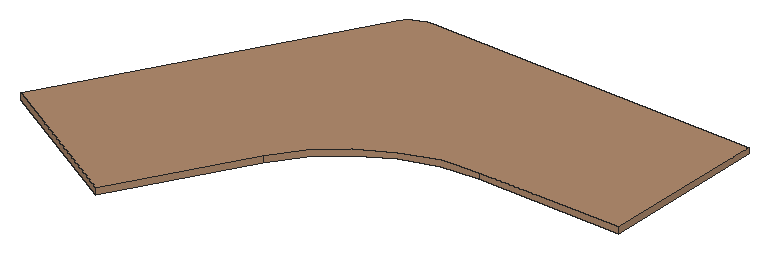
Revit family "Worksurface-Teknion-HWBWBT_hiSpace_120_Worksurface_With_Square_Corners-R2020", category Furniture, Revit 2020
Family settings
  OmniClass Number = 23.40.20.00
  OmniClass Title = General Furniture and Specialties
  Work Plane-Based = No
  Always vertical = Yes
  Cut with Voids When Loaded = No
  Shared = No
  Room Calculation Point = No
Parameters (values of type "29" Depth, 58" Width")
  Width A = 24.484"
  Width = 58.000"
  Warranty = "http://www.teknion.com/ca/papers/legal-canada"
  URL = "www.teknion.com"
  Surface Finish [instance] = Foundation Laminate - Teknion - YA - Anigre
  Series = "Height-Adjustable Bench hiSpace"  # constant formula
  Product Page URL = "https://www.teknion.com/ca/products/product-details?productLineId=e4ad706f-8e7a-673b-a6c8-ff05004460c4"
  Product Line = "hiSpace 120 Bench"  # constant formula
  Product Documentation Link = "https://www.teknion.com/pricing/habh/pdfs/HWBWBT_ppg.pdf"
  Part Number = "HWBWBT"  # constant formula
  Model = "HWBWBT2958"
  Manufacturer Phone = "416-661-3370"  # constant formula
  Manufacturer Fax = "416.661.4586"  # constant formula
  Manufacturer Contact Information = "http://www.teknion.com/ca/contactus"
  Manufacturer Address = "1150 Flint Road, Toronto, ON. M3J 2J5. Canada"  # constant formula
  Manufacturer = "Teknion"  # constant formula
  Description = "hiSpace 120 Worksurface With Square Corners - 29\" Depth, 58\" Width"
  Depth = 29.000"
  Default Elevation = 0.000"
  Available Width = "46, 52 & 58 Inch"  # constant formula
  Available Depth = "23 & 29 Inch"  # constant formula
  Actual Width = Width + 0.259"  # 58.259"
  Actual Depth = Depth - 0.500"  # 28.500"
Types (7): name | Width A | Width | Surface Finish | Model | Description | Depth | Actual Width | Actual Depth
  (no name) | 24.484" | 58.000" | Foundation Laminate - Teknion - YA - Anigre | "HWBWBT2958" | "hiSpace 120 Worksurface With Square Corners - 29\" Depth, 58\" Width" | 29.000" | 58.259" | 28.500"
  29" Depth, 58" Width | 24.484" | 58.000" | Foundation Laminate - Teknion - YA - Anigre | "HWBWBT2958" | "hiSpace 120 Worksurface With Square Corners - 29\" Depth, 58\" Width" | 29.000" | 58.259" | 28.500"
  23" Depth, 46" Width | 15.948" | 46.000" | Source Laminate - Teknion - DA - Espresso | "HWBWBT2346" | "hiSpace 120 Worksurface With Square Corners - 23\" Depth, 46\" Width" | 23.000" | 46.259" | 22.500"
  29" Depth, 52" Width | 18.484" | 52.000" | Foundation Laminate - Teknion - 3P - Sycamore Reflect | "HWBWBT2952" | "hiSpace 120 Worksurface With Square Corners - 29\" Depth, 52\" Width" | 29.000" | 52.259" | 28.500"
  29" Depth, 46" Width | 12.484" | 46.000" | Foundation Laminate - Teknion - XG - Very White | "HWBWBT2946" | "hiSpace 120 Worksurface With Square Corners - 29\" Depth, 46\" Width" | 29.000" | 46.259" | 28.500"
  23" Depth, 52" Width | 21.948" | 52.000" | Source Laminate - Teknion - LY - Granite | "HWBWBT2352" | "hiSpace 120 Worksurface With Square Corners - 23\" Depth, 52\" Width" | 23.000" | 52.259" | 22.500"
  23" Depth, 58" Width | 27.948" | 58.000" | Source Laminate - Teknion - 2C - Urban Walnut | "HWBWBT2358" | "hiSpace 120 Worksurface With Square Corners - 23\" Depth, 58\" Width" | 23.000" | 58.259" | 22.500"
Reference planes (in)
  plane 1 "Center Front/Back": y = 0.14033
  plane 2: z = 0
  plane 3: through (-23.50358, -32.68788, 48) normal (-0.866, 0.5, 0)
  plane 4: z = 29.06
  plane 5: z = 28
  plane 6: through (-11.05181, 11.38667, 48) normal (0.866, 0.5, 0)
Forms (in)
  Sweep 1, solid, material "Foundation Laminate - Teknion - YA - Anigre" <- "Surface Finish"
    path origin (0, 0.14033, 0) x (1, 0, 0) y (0, 0, 1)
      loop
        line (-10.14413, 29.06) -> (-10.14413, 28)
    profile origin (-10.14413, 0.14033, 28.53) x (0, -1, 0) y (1, 0, 0)
      loop
        line (36.20377, -31.76281) -> (50.45377, -7.08109) -> (29.25001, 5.16091)
        arc (29.25001, 5.16091) -> (18.26924, 16.14168) -> (14.25, 31.14169) r 30.00002
        line (14.25, 31.14169) -> (14.25, 55.62569) -> (-14.25, 55.62569) -> (-14.25, 0.25344)
        arc (-14.25, 0.25344) -> (-13.58013, -2.24656) -> (-11.75, -4.07668) r 5
        line (-11.75, -4.07668) -> (36.20377, -31.76281)
Lines and regions (in)
  Masking region 1
    outline origin (0, 0, 0) x (1, 0, 0) y (0, 1, 0)
      loop
        line (45.48156, -14.10967) -> (45.48156, 14.39033) -> (-9.89069, 14.39033)
        arc (-9.89069, 14.39033) -> (-12.39069, 13.72046) -> (-14.22081, 11.89034) r 5
        line (-14.22081, 11.89034) -> (-41.90694, -36.06344) -> (-17.22522, -50.31344) -> (-4.98322, -29.10967)
        arc (-4.98322, -29.10967) -> (5.99755, -18.12891) -> (20.99756, -14.10967) r 30.00002
        line (20.99756, -14.10967) -> (45.48156, -14.10967)
  reference lines, not visible
    curve 1: line (-41.90694, -36.06344, 0) -> (-12.77744, 14.39033, 0)
    curve 2: line (3.67704, -14.10967, 0) -> (-17.22522, -50.31344, 0)
    curve 3: line (45.48156, -14.10967, 0) -> (32.39082, -14.10967, 0)
    curve 4: line (45.48156, 14.39033, 0) -> (45.48156, -14.10967, 0)
    curve 5: line (-12.77744, 14.39033, 0) -> (45.48156, 14.39033, 0)
    curve 6: line (-17.22522, -50.31344, 0) -> (-41.90694, -36.06344, 0)
    curve 7: line (45.48156, 14.39033, 0) -> (-12.77744, 14.39033, 0)
    curve 8: line (-12.77744, 14.39033, 0) -> (-41.90694, -36.06344, 0)
    curve 9: line (-41.90694, -36.06344, 0) -> (-17.22522, -50.31344, 0)
    curve 10: line (3.67704, -14.10967, 0) -> (45.48156, -14.10967, 0)
    curve 11: line (45.48156, -14.10967, 0) -> (45.48156, 14.39033, 0)
Dimensions and locks (in)
  equal spacing: curve 3, plane 1 "Center Front/Back", curve 5
  equal spacing: curve 1, plane 3, curve 2
  "Actual Depth": curve 2 to curve 1
  "Actual Depth": curve 3 to curve 5
  "Actual Width": curve 5 to curve 6
  "Actual Width": curve 5 to curve 4
  locked: plane 4 to plane 5 at 1.06
  locked: plane 4 to level at 29.06
  "Width A": curve 9 to Sweep 1 sketch curve
  "Width A": Sweep 1 sketch curve to curve 11
  nested 8 to curve 8 to nested 7 = 5.77153" locked, 1.73403"
  locked: curve 8 to nested 10 at 3.73732
  locked: curve 9 to nested 10 at 6.1024
  locked: curve 7 to nested 2 at 3.7373
  locked: nested 2 to curve 11 at 6.10236
  equal spacing: curve 9, nested 6, curve 8
  equal spacing: curve 8, nested 9, curve 11
  equal spacing: curve 9, nested 5, curve 8
  equal spacing: curve 8, nested 1, curve 11
  locked: curve 8 to nested 5 at 4.60109
  locked: curve 7 to nested 1 at 4.48504
  locked: curve 8 to nested 7 at 1.73403
  locked: nested 8 to curve 8 at 5.77153
  "Width A": curve 9 to Masking region 1 sketch curve
  "Width A": Masking region 1 sketch curve to curve 11
  aligned and locked: level to plane 2
  aligned and locked: plane 5 to Sweep 1 sketch curve
  aligned and locked: plane 4 to Sweep 1 sketch curve
  aligned and locked: Sweep 1 sketch curve to curve 7
  aligned and locked: curve 8 to Sweep 1 sketch curve
  aligned and locked: Sweep 1 sketch curve to curve 9
  aligned and locked: curve 11 to Sweep 1 sketch curve
  aligned and locked: curve 10 to Sweep 1 sketch curve
  aligned and locked: Sweep 1 sketch curve to curve 2
  aligned and locked: Sweep 1 to Masking region 1 sketch curve
  aligned and locked: Masking region 1 sketch curve to Sweep 1  (x4)
  aligned and locked: nested 4 to plane 3
  aligned and locked: nested 4 to curve 9
  aligned and locked: plane 1 "Center Front/Back" to nested 3
  aligned and locked: curve 11 to nested 3
  aligned and locked: plane 6 to nested 8
  aligned and locked: plane 6 to nested 7
  aligned and locked: nested 9 to curve 7
  aligned and locked: nested 6 to curve 8
Automatic sketch dimensions
  Sweep 1 sketch curve to Sweep 1 sketch curve = 2.500"
  curve 3 to curve 3 = 13.09074"
Nested families (in)
  nested 1: "Teknion_2D_Node_Family-R2016" at (16.35206, 9.9053, 0), type "Teknion_2D_Node_Family-R2016"
  nested 2: "Teknion_2D_Node_Family-R2016" at (39.3792, 10.65304, 0), type "Teknion_2D_Node_Family-R2016"
  nested 3: "Teknion_2D_Node_Family-R2016" at (45.48156, 0.14033, 0), type "Teknion_2D_Node_Family-R2016"
  nested 4: "Teknion_2D_Node_Family-R2016" at (-29.56608, -43.18844, 0) x (0.5, 0.866, 0) z (0, 0, 1), type "Teknion_2D_Node_Family-R2016"
  nested 5: "Teknion_2D_Node_Family-R2016" at (-23.35753, -13.1371, 0) x (0.866, -0.5, 0) z (0, 0, 1), type "Teknion_2D_Node_Family-R2016"
  nested 6: "Teknion_2D_Node_Family-R2016" at (-27.34219, -10.83655, 0) x (0.866, -0.5, 0) z (0, 0, 1), type "Teknion_2D_Node_Family-R2016"
  nested 7: "Teknion_2D_Node_Family-R2016" at (-13.65086, 15.88835, 0) x (0.866, 0.5, 0) z (0, 0, 1), type "Teknion_2D_Node_Family-R2016"
  nested 8: "Teknion_2D_Node_Family-R2016" at (-9.89808, 9.38835, 0) x (0.866, 0.5, 0) z (0, 0, 1), type "Teknion_2D_Node_Family-R2016"
  nested 9: "Teknion_2D_Node_Family-R2016" at (16.35206, 14.39033, 0), type "Teknion_2D_Node_Family-R2016"
  nested 10: "Teknion_2D_Node_Family-R2016" at (-35.61913, -32.64726, 0) x (0.5, 0.866, 0) z (0, 0, 1), type "Teknion_2D_Node_Family-R2016"
Definition of nested family "Teknion_2D_Node_Family-R2016"
  Reference planes (in)
    plane 1 "Center (Front/Back)": y = 0
    plane 2: z = 0
    plane 3 "Center (Left/Right)": x = 0
  Lines and regions (in)
    detail lines, in view "Ref. Level"
      curve 1: circle (0, 0, 0) r 1.25 normal (0, 0, 1)
      curve 2: line (1.91508, -1.91508, 0) -> (-1.91508, 1.91508, 0)
      curve 3: line (-1.91508, -1.91508, 0) -> (1.91508, 1.91508, 0)
